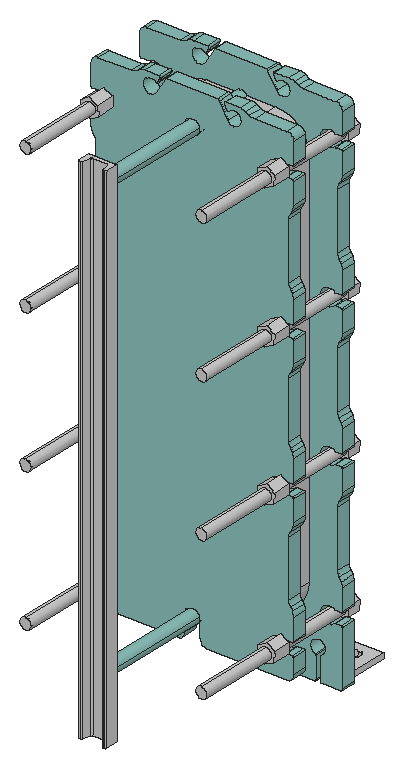
Revit family "Ekin_Endüstriyel - MIT508", category Specialty Equipment, Revit 2022
Family settings
  Round Connector Dimension = Use Diameter
  Part Type = Normal
  Work Plane-Based = No
  Always vertical = No
  Cut with Voids When Loaded = No
  Maintain Annotation Orientation = No
  Shared = No
  Room Calculation Point = No
Parameters (values of type "Threaded")
  URL = "https://en.ekinendustriyel.com/plate-heat-exchanger"
  Type Comments = ""
  Tightening Bolt [instance] = if(Design Pressure < 1006634.6 Pa, 16.00 mm, 30.00 mm)  # 16.00 mm
  Threaded Connection = yes
  Thickness_of_Plate [instance] = 0.50 mm  # constant formula
  Number_of_Plate [instance] = 20
  Model = if(Threaded Connection, if(Hygienic, if(Design Pressure < 1100000.0 Pa, "H12340000DD50L", if(Design Pressure < 1600000.0 Pa, " H12340000DD50M", " H12340000DD50H")), if(Design Pressure < 1000000.0 Pa, "E1234000DD50L", if(Design Pressure < 1600000.0 Pa, " E12340000DD50M", " E12340000DD50H"))), if(Hygienic, if(Design Pressure < 1100000.0 Pa, "H12340000F50L", if(Design Pressure < 1600000.0 Pa, " H12340000F50M", " H12340000F50H")), if(Design Pressure < 1000000.0 Pa, "E12340000F50L", if(Design Pressure < 1600000.0 Pa, " E12340000F50M", " E12340000F50H"))))  # "H12340000DD50L"
  Material = Galvanized Steel- S235JR
  Manufacturer = "Ekin Endüstriyel"
  M30 [instance] = Design Pressure > 999739.8 Pa  # no
  M16 = Design Pressure < 999739.8 Pa  # yes
  Lk [instance] = (Number_of_Plate) * ((Thickness_of_Plate) + 2.90 mm)  # 68.00 mm
  Lh [instance] = 765.00 mm  # constant formula
  Lf [instance] = 715.00 mm  # constant formula
  Lc [instance] = if(Number_of_Plate < 26, 250.00 mm, if(Number_of_Plate < 46, 350.00 mm, if(Number_of_Plate < 76, 500.00 mm, if(Number_of_Plate < 116, 750.00 mm, 1000.00 mm))))  # 250.00 mm
  La [instance] = 292.00 mm  # constant formula
  Keynote = ""
  Industrial [instance] = not(Hygienic)  # no
  Hygienic = yes
  Head & Follower Plate [instance] = if(Design Pressure < 1006634.6 Pa, 20.00 mm, if(Design Pressure < 1606478.4 Pa, 25.00 mm, 30.00 mm))  # 20.00 mm
  Follower Plate [instance] = -(Head & Follower Plate)  # -20.00 mm
  Flange Connection [instance] = not(Threaded Connection)  # no
  Design Pressure = 101.526 psi
  Description = if(Design Pressure < 1006634.6 Pa, "MIT - Heat Exchanger - 10 bar", if(Design Pressure < 1599583.7 Pa, " MIT - Heat Exchanger - 16 bar", " MIT - Heat Exchanger - 25 bar"))  # "MIT - Heat Exchanger - 10 bar"
  Default Elevation = 0.00 mm
Reference planes
  plane 1 "Center (Front/Back)": y = 0
  plane 2: z = 0
  plane 3 "Center (Left/Right)": x = 0
  plane 4: x = 1160
  plane 5: x = -1000
  plane 6 "2": y = -88
  plane 7 "1": y = -20
  plane 8 "3": y = -270
  plane 9 "Bolt End": y = 18.7
  plane 10: y = -250
Forms (mm)
  Extrusion 1, solid, material "Galvanized Steel", detail levels fine
    sketch origin (0, 0, 0) x (1, 0, 0) y (0, 0, 1)
      loop
        arc (48.453, 765) -> (46.721, 764) -> (46.721, 762) r 2
        line (46.721, 762) -> (49.979, 756.357)
        arc (49.979, 756.357) -> (51.39, 755.383) -> (53.037, 755.86) r 2
        arc (53.037, 755.86) -> (70.364, 746.316) -> (50.907, 742.75) r 10.5
        line (50.907, 742.75) -> (38.638, 764)
        arc (38.638, 764) -> (37.906, 764.732) -> (36.906, 765) r 2
        line (36.906, 765) -> (-36.906, 765)
        arc (-36.906, 765) -> (-37.906, 764.732) -> (-38.638, 764) r 2
        line (-38.638, 764) -> (-50.907, 742.75)
        arc (-50.907, 742.75) -> (-70.364, 746.316) -> (-53.037, 755.86) r 10.5
        arc (-53.037, 755.86) -> (-51.39, 755.383) -> (-49.979, 756.357) r 2
        line (-49.979, 756.357) -> (-46.721, 762)
        arc (-46.721, 762) -> (-46.721, 764) -> (-48.453, 765) r 2
        line (-48.453, 765) -> (-68.981, 765)
        arc (-68.981, 765) -> (-72.863, 764.489) -> (-76.481, 762.99) r 15
        line (-76.481, 762.99) -> (-81.644, 760.01)
        arc (-81.644, 760.01) -> (-85.261, 758.511) -> (-89.144, 758) r 15
        line (-89.144, 758) -> (-136, 758)
        arc (-136, 758) -> (-143.071, 755.071) -> (-146, 748) r 10
        line (-146, 748) -> (-146, 718.25)
        arc (-146, 718.25) -> (-145.414, 716.836) -> (-144, 716.25) r 2
        line (-144, 716.25) -> (-135.769, 716.25)
        arc (-135.769, 716.25) -> (-135.087, 716.37) -> (-134.487, 716.714) r 2
        arc (-134.487, 716.714) -> (-114.8, 707.5) -> (-134.487, 698.286) r 12
        arc (-134.487, 698.286) -> (-135.087, 698.63) -> (-135.769, 698.75) r 2
        line (-135.769, 698.75) -> (-144, 698.75)
        arc (-144, 698.75) -> (-145.414, 698.164) -> (-146, 696.75) r 2
        line (-146, 696.75) -> (-146, 666.144)
        arc (-146, 666.144) -> (-145.489, 662.261) -> (-143.99, 658.644) r 15
        line (-143.99, 658.644) -> (-141.01, 653.481)
        arc (-141.01, 653.481) -> (-139.511, 649.863) -> (-139, 645.981) r 15
        line (-139, 645.981) -> (-139, 564.019)
        arc (-139, 564.019) -> (-139.511, 560.137) -> (-141.01, 556.519) r 15
        line (-141.01, 556.519) -> (-143.99, 551.356)
        arc (-143.99, 551.356) -> (-145.489, 547.739) -> (-146, 543.856) r 15
        line (-146, 543.856) -> (-146, 513.25)
        arc (-146, 513.25) -> (-145.414, 511.836) -> (-144, 511.25) r 2
        line (-144, 511.25) -> (-135.769, 511.25)
        arc (-135.769, 511.25) -> (-135.087, 511.37) -> (-134.487, 511.714) r 2
        arc (-134.487, 511.714) -> (-114.8, 502.5) -> (-134.487, 493.286) r 12
        arc (-134.487, 493.286) -> (-135.087, 493.63) -> (-135.769, 493.75) r 2
        line (-135.769, 493.75) -> (-144, 493.75)
        arc (-144, 493.75) -> (-145.414, 493.164) -> (-146, 491.75) r 2
        line (-146, 491.75) -> (-146, 461.144)
        arc (-146, 461.144) -> (-145.489, 457.261) -> (-143.99, 453.644) r 15
        line (-143.99, 453.644) -> (-141.01, 448.481)
        arc (-141.01, 448.481) -> (-139.511, 444.863) -> (-139, 440.981) r 15
        line (-139, 440.981) -> (-139, 359.019)
        arc (-139, 359.019) -> (-139.511, 355.137) -> (-141.01, 351.519) r 15
        line (-141.01, 351.519) -> (-143.99, 346.356)
        arc (-143.99, 346.356) -> (-145.489, 342.739) -> (-146, 338.856) r 15
        line (-146, 338.856) -> (-146, 308.25)
        arc (-146, 308.25) -> (-145.414, 306.836) -> (-144, 306.25) r 2
        line (-144, 306.25) -> (-135.769, 306.25)
        arc (-135.769, 306.25) -> (-135.087, 306.37) -> (-134.487, 306.714) r 2
        arc (-134.487, 306.714) -> (-114.8, 297.5) -> (-134.487, 288.286) r 12
        arc (-134.487, 288.286) -> (-135.087, 288.63) -> (-135.769, 288.75) r 2
        line (-135.769, 288.75) -> (-144, 288.75)
        arc (-144, 288.75) -> (-145.414, 288.164) -> (-146, 286.75) r 2
        line (-146, 286.75) -> (-146, 256.144)
        arc (-146, 256.144) -> (-145.489, 252.261) -> (-143.99, 248.644) r 15
        line (-143.99, 248.644) -> (-141.01, 243.481)
        arc (-141.01, 243.481) -> (-139.511, 239.863) -> (-139, 235.981) r 15
        line (-139, 235.981) -> (-139, 154.019)
        arc (-139, 154.019) -> (-139.511, 150.137) -> (-141.01, 146.519) r 15
        line (-141.01, 146.519) -> (-143.99, 141.356)
        arc (-143.99, 141.356) -> (-145.489, 137.739) -> (-146, 133.856) r 15
        line (-146, 133.856) -> (-146, 103.25)
        arc (-146, 103.25) -> (-145.414, 101.836) -> (-144, 101.25) r 2
        line (-144, 101.25) -> (-135.769, 101.25)
        arc (-135.769, 101.25) -> (-135.087, 101.37) -> (-134.487, 101.714) r 2
        arc (-134.487, 101.714) -> (-114.8, 92.5) -> (-134.487, 83.286) r 12
        arc (-134.487, 83.286) -> (-135.087, 83.63) -> (-135.769, 83.75) r 2
        line (-135.769, 83.75) -> (-144, 83.75)
        arc (-144, 83.75) -> (-145.414, 83.164) -> (-146, 81.75) r 2
        line (-146, 81.75) -> (-146, 3)
        arc (-146, 3) -> (-145.121, 0.879) -> (-143, 0) r 3
        line (-143, 0) -> (-116, 0)
        arc (-116, 0) -> (-114.586, 0.586) -> (-114, 2) r 2
        line (-114, 2) -> (-114, 33.544)
        arc (-114, 33.544) -> (-114.327, 34.639) -> (-115.2, 35.377) r 2
        arc (-115.2, 35.377) -> (-111, 55.5) -> (-106.8, 35.377) r 10.5
        arc (-106.8, 35.377) -> (-107.673, 34.639) -> (-108, 33.544) r 2
        line (-108, 33.544) -> (-108, 2)
        arc (-108, 2) -> (-107.414, 0.586) -> (-106, 0) r 2
        line (-106, 0) -> (-79, 0)
        arc (-79, 0) -> (-76.879, 0.879) -> (-76, 3) r 3
        line (-76, 3) -> (-76, 18.787)
        arc (-76, 18.787) -> (-74.858, 24.527) -> (-71.607, 29.393) r 15
        line (-71.607, 29.393) -> (-55.393, 45.607)
        arc (-55.393, 45.607) -> (-50.527, 48.858) -> (-44.787, 50) r 15
        line (-44.787, 50) -> (44.787, 50)
        arc (44.787, 50) -> (50.527, 48.858) -> (55.393, 45.607) r 15
        line (55.393, 45.607) -> (71.607, 29.393)
        arc (71.607, 29.393) -> (74.858, 24.527) -> (76, 18.787) r 15
        line (76, 18.787) -> (76, 3)
        arc (76, 3) -> (76.879, 0.879) -> (79, 0) r 3
        line (79, 0) -> (106, 0)
        arc (106, 0) -> (107.414, 0.586) -> (108, 2) r 2
        line (108, 2) -> (108, 33.544)
        arc (108, 33.544) -> (107.673, 34.639) -> (106.8, 35.377) r 2
        arc (106.8, 35.377) -> (111, 55.5) -> (115.2, 35.377) r 10.5
        arc (115.2, 35.377) -> (114.327, 34.639) -> (114, 33.544) r 2
        line (114, 33.544) -> (114, 2)
        arc (114, 2) -> (114.586, 0.586) -> (116, 0) r 2
        line (116, 0) -> (143, 0)
        arc (143, 0) -> (145.121, 0.879) -> (146, 3) r 3
        line (146, 3) -> (146, 81.75)
        arc (146, 81.75) -> (145.414, 83.164) -> (144, 83.75) r 2
        line (144, 83.75) -> (135.769, 83.75)
        arc (135.769, 83.75) -> (135.087, 83.63) -> (134.487, 83.286) r 2
        arc (134.487, 83.286) -> (114.8, 92.5) -> (134.487, 101.714) r 12
        arc (134.487, 101.714) -> (135.087, 101.37) -> (135.769, 101.25) r 2
        line (135.769, 101.25) -> (144, 101.25)
        arc (144, 101.25) -> (145.414, 101.836) -> (146, 103.25) r 2
        line (146, 103.25) -> (146, 133.856)
        arc (146, 133.856) -> (145.489, 137.739) -> (143.99, 141.356) r 15
        line (143.99, 141.356) -> (141.01, 146.519)
        arc (141.01, 146.519) -> (139.511, 150.137) -> (139, 154.019) r 15
        line (139, 154.019) -> (139, 235.981)
        arc (139, 235.981) -> (139.511, 239.863) -> (141.01, 243.481) r 15
        line (141.01, 243.481) -> (143.99, 248.644)
        arc (143.99, 248.644) -> (145.489, 252.261) -> (146, 256.144) r 15
        line (146, 256.144) -> (146, 286.75)
        arc (146, 286.75) -> (145.414, 288.164) -> (144, 288.75) r 2
        line (144, 288.75) -> (135.769, 288.75)
        arc (135.769, 288.75) -> (135.087, 288.63) -> (134.487, 288.286) r 2
        arc (134.487, 288.286) -> (114.8, 297.5) -> (134.487, 306.714) r 12
        arc (134.487, 306.714) -> (135.087, 306.37) -> (135.769, 306.25) r 2
        line (135.769, 306.25) -> (144, 306.25)
        arc (144, 306.25) -> (145.414, 306.836) -> (146, 308.25) r 2
        line (146, 308.25) -> (146, 338.856)
        arc (146, 338.856) -> (145.489, 342.739) -> (143.99, 346.356) r 15
        line (143.99, 346.356) -> (141.01, 351.519)
        arc (141.01, 351.519) -> (139.511, 355.137) -> (139, 359.019) r 15
        line (139, 359.019) -> (139, 440.981)
        arc (139, 440.981) -> (139.511, 444.863) -> (141.01, 448.481) r 15
        line (141.01, 448.481) -> (143.99, 453.644)
        arc (143.99, 453.644) -> (145.489, 457.261) -> (146, 461.144) r 15
        line (146, 461.144) -> (146, 491.75)
        arc (146, 491.75) -> (145.414, 493.164) -> (144, 493.75) r 2
        line (144, 493.75) -> (135.769, 493.75)
        arc (135.769, 493.75) -> (135.087, 493.63) -> (134.487, 493.286) r 2
        arc (134.487, 493.286) -> (114.8, 502.5) -> (134.487, 511.714) r 12
        arc (134.487, 511.714) -> (135.087, 511.37) -> (135.769, 511.25) r 2
        line (135.769, 511.25) -> (144, 511.25)
        arc (144, 511.25) -> (145.414, 511.836) -> (146, 513.25) r 2
        line (146, 513.25) -> (146, 543.856)
        arc (146, 543.856) -> (145.489, 547.739) -> (143.99, 551.356) r 15
        line (143.99, 551.356) -> (141.01, 556.519)
        arc (141.01, 556.519) -> (139.511, 560.137) -> (139, 564.019) r 15
        line (139, 564.019) -> (139, 645.981)
        arc (139, 645.981) -> (139.511, 649.863) -> (141.01, 653.481) r 15
        line (141.01, 653.481) -> (143.99, 658.644)
        arc (143.99, 658.644) -> (145.489, 662.261) -> (146, 666.144) r 15
        line (146, 666.144) -> (146, 696.75)
        arc (146, 696.75) -> (145.414, 698.164) -> (144, 698.75) r 2
        line (144, 698.75) -> (135.769, 698.75)
        arc (135.769, 698.75) -> (135.087, 698.63) -> (134.487, 698.286) r 2
        arc (134.487, 698.286) -> (114.8, 707.5) -> (134.487, 716.714) r 12
        arc (134.487, 716.714) -> (135.087, 716.37) -> (135.769, 716.25) r 2
        line (135.769, 716.25) -> (144, 716.25)
        arc (144, 716.25) -> (145.414, 716.836) -> (146, 718.25) r 2
        line (146, 718.25) -> (146, 748)
        arc (146, 748) -> (143.071, 755.071) -> (136, 758) r 10
        line (136, 758) -> (89.144, 758)
        arc (89.144, 758) -> (85.261, 758.511) -> (81.644, 760.01) r 15
        line (81.644, 760.01) -> (76.481, 762.99)
        arc (76.481, 762.99) -> (72.863, 764.489) -> (68.981, 765) r 15
        line (68.981, 765) -> (48.453, 765)
      loop
        circle (50, 673) r 32
      loop
        circle (0, 716) r 6.25
      loop
        circle (50, 127) r 32
      loop
        circle (0, 84) r 9.5
      loop
        circle (-50, 673) r 32
      loop
        circle (-50, 127) r 32
    from 0 to 20 <- "Head & Follower Plate"
  Extrusion 2, solid, material "AISI 316L/Titanium/Hastelloy", detail levels fine
    sketch origin (0, -20, 0) x (-1, 0, 0) y (0, 0, 1)
      loop
        arc (-50, 721) -> (-83.234, 707.234) -> (-97, 674) r 47
        line (-97, 674) -> (-97, 123)
        arc (-97, 123) -> (-83.234, 89.766) -> (-50, 76) r 47
        line (-50, 76) -> (-9.5, 76) -> (-9.5, 83)
        arc (-9.5, 83) -> (0, 92.5) -> (9.5, 83) r 9.5
        line (9.5, 83) -> (9.5, 76) -> (50, 76)
        arc (50, 76) -> (83.234, 89.766) -> (97, 123) r 47
        line (97, 123) -> (97, 674)
        arc (97, 674) -> (83.234, 707.234) -> (50, 721) r 47
        line (50, 721) -> (9.5, 721) -> (9.5, 713)
        arc (9.5, 713) -> (0, 703.5) -> (-9.5, 713) r 9.5
        line (-9.5, 713) -> (-9.5, 721) -> (-50, 721)
      loop
        circle (-50, 127) r 32
      loop
        circle (50, 127) r 32
      loop
        circle (50, 673) r 32
      loop
        circle (-50, 673) r 32
    from 0 to -68
  Extrusion 3, solid, material "Galvanized Steel", detail levels fine
    sketch origin (0, -88, 0) x (-1, 0, 0) y (0, 0, 1)
      loop
        line (-48.453, 765) -> (-68.981, 765)
        arc (-68.981, 765) -> (-72.863, 764.489) -> (-76.481, 762.99) r 15
        line (-76.481, 762.99) -> (-81.644, 760.01)
        arc (-81.644, 760.01) -> (-85.261, 758.511) -> (-89.144, 758) r 15
        line (-89.144, 758) -> (-136, 758)
        arc (-136, 758) -> (-143.071, 755.071) -> (-146, 748) r 10
        line (-146, 748) -> (-146, 718.25)
        arc (-146, 718.25) -> (-145.414, 716.836) -> (-144, 716.25) r 2
        line (-144, 716.25) -> (-135.769, 716.25)
        arc (-135.769, 716.25) -> (-135.087, 716.37) -> (-134.487, 716.714) r 2
        arc (-134.487, 716.714) -> (-114.8, 707.5) -> (-134.487, 698.286) r 12
        arc (-134.487, 698.286) -> (-135.087, 698.63) -> (-135.769, 698.75) r 2
        line (-135.769, 698.75) -> (-144, 698.75)
        arc (-144, 698.75) -> (-145.414, 698.164) -> (-146, 696.75) r 2
        line (-146, 696.75) -> (-146, 666.144)
        arc (-146, 666.144) -> (-145.489, 662.261) -> (-143.99, 658.644) r 15
        line (-143.99, 658.644) -> (-141.01, 653.481)
        arc (-141.01, 653.481) -> (-139.511, 649.863) -> (-139, 645.981) r 15
        line (-139, 645.981) -> (-139, 564.019)
        arc (-139, 564.019) -> (-139.511, 560.137) -> (-141.01, 556.519) r 15
        line (-141.01, 556.519) -> (-143.99, 551.356)
        arc (-143.99, 551.356) -> (-145.489, 547.739) -> (-146, 543.856) r 15
        line (-146, 543.856) -> (-146, 513.25)
        arc (-146, 513.25) -> (-145.414, 511.836) -> (-144, 511.25) r 2
        line (-144, 511.25) -> (-135.769, 511.25)
        arc (-135.769, 511.25) -> (-135.087, 511.37) -> (-134.487, 511.714) r 2
        arc (-134.487, 511.714) -> (-114.8, 502.5) -> (-134.487, 493.286) r 12
        arc (-134.487, 493.286) -> (-135.087, 493.63) -> (-135.769, 493.75) r 2
        line (-135.769, 493.75) -> (-144, 493.75)
        arc (-144, 493.75) -> (-145.414, 493.164) -> (-146, 491.75) r 2
        line (-146, 491.75) -> (-146, 461.144)
        arc (-146, 461.144) -> (-145.489, 457.261) -> (-143.99, 453.644) r 15
        line (-143.99, 453.644) -> (-141.01, 448.481)
        arc (-141.01, 448.481) -> (-139.511, 444.863) -> (-139, 440.981) r 15
        line (-139, 440.981) -> (-139, 359.019)
        arc (-139, 359.019) -> (-139.511, 355.137) -> (-141.01, 351.519) r 15
        line (-141.01, 351.519) -> (-143.99, 346.356)
        arc (-143.99, 346.356) -> (-145.489, 342.739) -> (-146, 338.856) r 15
        line (-146, 338.856) -> (-146, 308.25)
        arc (-146, 308.25) -> (-145.414, 306.836) -> (-144, 306.25) r 2
        line (-144, 306.25) -> (-135.769, 306.25)
        arc (-135.769, 306.25) -> (-135.087, 306.37) -> (-134.487, 306.714) r 2
        arc (-134.487, 306.714) -> (-114.8, 297.5) -> (-134.487, 288.286) r 12
        arc (-134.487, 288.286) -> (-135.087, 288.63) -> (-135.769, 288.75) r 2
        line (-135.769, 288.75) -> (-144, 288.75)
        arc (-144, 288.75) -> (-145.414, 288.164) -> (-146, 286.75) r 2
        line (-146, 286.75) -> (-146, 256.144)
        arc (-146, 256.144) -> (-145.489, 252.261) -> (-143.99, 248.644) r 15
        line (-143.99, 248.644) -> (-141.01, 243.481)
        arc (-141.01, 243.481) -> (-139.511, 239.863) -> (-139, 235.981) r 15
        line (-139, 235.981) -> (-139, 154.019)
        arc (-139, 154.019) -> (-139.511, 150.137) -> (-141.01, 146.519) r 15
        line (-141.01, 146.519) -> (-143.99, 141.356)
        arc (-143.99, 141.356) -> (-145.489, 137.739) -> (-146, 133.856) r 15
        line (-146, 133.856) -> (-146, 103.25)
        arc (-146, 103.25) -> (-145.414, 101.836) -> (-144, 101.25) r 2
        line (-144, 101.25) -> (-135.769, 101.25)
        arc (-135.769, 101.25) -> (-135.087, 101.37) -> (-134.487, 101.714) r 2
        arc (-134.487, 101.714) -> (-114.8, 92.5) -> (-134.487, 83.286) r 12
        arc (-134.487, 83.286) -> (-135.087, 83.63) -> (-135.769, 83.75) r 2
        line (-135.769, 83.75) -> (-144, 83.75)
        arc (-144, 83.75) -> (-145.414, 83.164) -> (-146, 81.75) r 2
        line (-146, 81.75) -> (-146, 60)
        arc (-146, 60) -> (-143.071, 52.929) -> (-136, 50) r 10
        line (-136, 50) -> (-21, 50)
        arc (-21, 50) -> (-13.929, 52.929) -> (-11, 60) r 10
        line (-11, 60) -> (-11, 84)
        arc (-11, 84) -> (0, 95) -> (11, 84) r 11
        line (11, 84) -> (11, 60)
        arc (11, 60) -> (13.929, 52.929) -> (21, 50) r 10
        line (21, 50) -> (136, 50)
        arc (136, 50) -> (143.071, 52.929) -> (146, 60) r 10
        line (146, 60) -> (146, 81.75)
        arc (146, 81.75) -> (145.414, 83.164) -> (144, 83.75) r 2
        line (144, 83.75) -> (135.769, 83.75)
        arc (135.769, 83.75) -> (135.087, 83.63) -> (134.487, 83.286) r 2
        arc (134.487, 83.286) -> (114.8, 92.5) -> (134.487, 101.714) r 12
        arc (134.487, 101.714) -> (135.087, 101.37) -> (135.769, 101.25) r 2
        line (135.769, 101.25) -> (144, 101.25)
        arc (144, 101.25) -> (145.414, 101.836) -> (146, 103.25) r 2
        line (146, 103.25) -> (146, 133.856)
        arc (146, 133.856) -> (145.489, 137.739) -> (143.99, 141.356) r 15
        line (143.99, 141.356) -> (141.01, 146.519)
        arc (141.01, 146.519) -> (139.511, 150.137) -> (139, 154.019) r 15
        line (139, 154.019) -> (139, 235.981)
        arc (139, 235.981) -> (139.511, 239.863) -> (141.01, 243.481) r 15
        line (141.01, 243.481) -> (143.99, 248.644)
        arc (143.99, 248.644) -> (145.489, 252.261) -> (146, 256.144) r 15
        line (146, 256.144) -> (146, 286.75)
        arc (146, 286.75) -> (145.414, 288.164) -> (144, 288.75) r 2
        line (144, 288.75) -> (135.769, 288.75)
        arc (135.769, 288.75) -> (135.087, 288.63) -> (134.487, 288.286) r 2
        arc (134.487, 288.286) -> (114.8, 297.5) -> (134.487, 306.714) r 12
        arc (134.487, 306.714) -> (135.087, 306.37) -> (135.769, 306.25) r 2
        line (135.769, 306.25) -> (144, 306.25)
        arc (144, 306.25) -> (145.414, 306.836) -> (146, 308.25) r 2
        line (146, 308.25) -> (146, 338.856)
        arc (146, 338.856) -> (145.489, 342.739) -> (143.99, 346.356) r 15
        line (143.99, 346.356) -> (141.01, 351.519)
        arc (141.01, 351.519) -> (139.511, 355.137) -> (139, 359.019) r 15
        line (139, 359.019) -> (139, 440.981)
        arc (139, 440.981) -> (139.511, 444.863) -> (141.01, 448.481) r 15
        line (141.01, 448.481) -> (143.99, 453.644)
        arc (143.99, 453.644) -> (145.489, 457.261) -> (146, 461.144) r 15
        line (146, 461.144) -> (146, 491.75)
        arc (146, 491.75) -> (145.414, 493.164) -> (144, 493.75) r 2
        line (144, 493.75) -> (135.769, 493.75)
        arc (135.769, 493.75) -> (135.087, 493.63) -> (134.487, 493.286) r 2
        arc (134.487, 493.286) -> (114.8, 502.5) -> (134.487, 511.714) r 12
        arc (134.487, 511.714) -> (135.087, 511.37) -> (135.769, 511.25) r 2
        line (135.769, 511.25) -> (144, 511.25)
        arc (144, 511.25) -> (145.414, 511.836) -> (146, 513.25) r 2
        line (146, 513.25) -> (146, 543.856)
        arc (146, 543.856) -> (145.489, 547.739) -> (143.99, 551.356) r 15
        line (143.99, 551.356) -> (141.01, 556.519)
        arc (141.01, 556.519) -> (139.511, 560.137) -> (139, 564.019) r 15
        line (139, 564.019) -> (139, 645.981)
        arc (139, 645.981) -> (139.511, 649.863) -> (141.01, 653.481) r 15
        line (141.01, 653.481) -> (143.99, 658.644)
        arc (143.99, 658.644) -> (145.489, 662.261) -> (146, 666.144) r 15
        line (146, 666.144) -> (146, 696.75)
        arc (146, 696.75) -> (145.414, 698.164) -> (144, 698.75) r 2
        line (144, 698.75) -> (135.769, 698.75)
        arc (135.769, 698.75) -> (135.087, 698.63) -> (134.487, 698.286) r 2
        arc (134.487, 698.286) -> (114.8, 707.5) -> (134.487, 716.714) r 12
        arc (134.487, 716.714) -> (135.087, 716.37) -> (135.769, 716.25) r 2
        line (135.769, 716.25) -> (144, 716.25)
        arc (144, 716.25) -> (145.414, 716.836) -> (146, 718.25) r 2
        line (146, 718.25) -> (146, 748)
        arc (146, 748) -> (143.071, 755.071) -> (136, 758) r 10
        line (136, 758) -> (89.144, 758)
        arc (89.144, 758) -> (85.261, 758.511) -> (81.644, 760.01) r 15
        line (81.644, 760.01) -> (76.481, 762.99)
        arc (76.481, 762.99) -> (72.863, 764.489) -> (68.981, 765) r 15
        line (68.981, 765) -> (48.453, 765)
        arc (48.453, 765) -> (46.721, 764) -> (46.721, 762) r 2
        line (46.721, 762) -> (49.979, 756.357)
        arc (49.979, 756.357) -> (51.39, 755.383) -> (53.037, 755.86) r 2
        arc (53.037, 755.86) -> (70.364, 746.316) -> (50.907, 742.75) r 10.5
        line (50.907, 742.75) -> (38.638, 764)
        arc (38.638, 764) -> (37.906, 764.732) -> (36.906, 765) r 2
        line (36.906, 765) -> (-36.906, 765)
        arc (-36.906, 765) -> (-37.906, 764.732) -> (-38.638, 764) r 2
        line (-38.638, 764) -> (-50.907, 742.75)
        arc (-50.907, 742.75) -> (-70.364, 746.316) -> (-53.037, 755.86) r 10.5
        arc (-53.037, 755.86) -> (-51.39, 755.383) -> (-49.979, 756.357) r 2
        line (-49.979, 756.357) -> (-46.721, 762)
        arc (-46.721, 762) -> (-46.721, 764) -> (-48.453, 765) r 2
      loop
        circle (0, 716) r 11
    from -20 <- "Follower Plate" to 0
  Extrusion 4, solid, material "Galvanized Steel"
    sketch origin (0, -20, 0) x (-1, 0, 0) y (0, 0, 1)
      loop
        circle (0, 716) r 9.5
      loop
        circle (0, 84) r 9.5
    from -250 to 0
  Extrusion 5, solid, material "Galvanized Steel- S235JR"
    sketch origin (0, 0, 0) x (1, 0, 0) y (0, 0, 1)
      loop
        circle (126.8, 707.5) r 8
      loop
        circle (126.8, 502.5) r 8
      loop
        circle (126.8, 297.5) r 8
      loop
        circle (126.8, 92.5) r 8
      loop
        circle (-126.8, 92.5) r 8
      loop
        circle (-126.8, 297.5) r 8
      loop
        circle (-126.8, 502.5) r 8
      loop
        circle (-126.8, 707.5) r 8
    from 250 to 0
  Extrusion 6, solid, material "Painted Stell", detail levels medium+fine
    sketch origin (0, 0, 318) x (-1, 0, 0) y (0, -1, 0)
      loop
        line (-20, 270) -> (20, 270) -> (20, 287.489)
        arc (20, 287.489) -> (19.561, 288.55) -> (18.5, 288.989) r 1.5
        line (18.5, 288.989) -> (16.254, 288.989)
        arc (16.254, 288.989) -> (15.291, 288.639) -> (14.777, 287.753) r 1.5
        line (14.777, 287.753) -> (12.868, 277.061)
        arc (12.868, 277.061) -> (12.012, 275.583) -> (10.407, 275) r 2.5
        line (10.407, 275) -> (-10.407, 275)
        arc (-10.407, 275) -> (-12.012, 275.583) -> (-12.868, 277.061) r 2.5
        line (-12.868, 277.061) -> (-14.777, 287.753)
        arc (-14.777, 287.753) -> (-15.291, 288.639) -> (-16.254, 288.989) r 1.5
        line (-16.254, 288.989) -> (-18.5, 288.989)
        arc (-18.5, 288.989) -> (-19.561, 288.55) -> (-20, 287.489) r 1.5
        line (-20, 287.489) -> (-20, 270)
    from -318 to 427
  Extrusion 7, solid, material "Galvanized Steel- S235JR", visible <- "M16", detail levels medium+fine
    sketch origin (0, 0, 0) x (1, 0, 0) y (0, 0, 1)
      loop
        line (127.67, 721.329) -> (115.259, 715.168) -> (114.389, 701.339) -> (125.93, 693.671) -> (138.341, 699.832) -> (139.211, 713.661) -> (127.67, 721.329)
      loop
        line (115.259, 510.168) -> (114.389, 496.339) -> (125.93, 488.671) -> (138.341, 494.832) -> (139.211, 508.661) -> (127.67, 516.329) -> (115.259, 510.168)
      loop
        line (139.211, 303.661) -> (127.67, 311.329) -> (115.259, 305.168) -> (114.389, 291.339) -> (125.93, 283.671) -> (138.341, 289.832) -> (139.211, 303.661)
      loop
        line (114.389, 86.339) -> (125.93, 78.671) -> (138.341, 84.832) -> (139.211, 98.661) -> (127.67, 106.329) -> (115.259, 100.168) -> (114.389, 86.339)
      loop
        line (-127.67, 721.329) -> (-139.211, 713.661) -> (-138.341, 699.832) -> (-125.93, 693.671) -> (-114.389, 701.339) -> (-115.259, 715.168) -> (-127.67, 721.329)
      loop
        line (-115.259, 510.168) -> (-127.67, 516.329) -> (-139.211, 508.661) -> (-138.341, 494.832) -> (-125.93, 488.671) -> (-114.389, 496.339) -> (-115.259, 510.168)
      loop
        line (-139.211, 303.661) -> (-138.341, 289.832) -> (-125.93, 283.671) -> (-114.389, 291.339) -> (-115.259, 305.168) -> (-127.67, 311.329) -> (-139.211, 303.661)
      loop
        line (-114.389, 86.339) -> (-115.259, 100.168) -> (-127.67, 106.329) -> (-139.211, 98.661) -> (-138.341, 84.832) -> (-125.93, 78.671) -> (-114.389, 86.339)
    from 0 to -18.7
  Extrusion 8, solid, material "Galvanized Steel- S235JR"
    sketch origin (0, -108, 0) x (1, 0, 0) y (0, 0, 1)
      loop
        line (127.67, 721.329) -> (115.259, 715.168) -> (114.389, 701.339) -> (125.93, 693.671) -> (138.341, 699.832) -> (139.211, 713.661) -> (127.67, 721.329)
      loop
        line (115.259, 510.168) -> (114.389, 496.339) -> (125.93, 488.671) -> (138.341, 494.832) -> (139.211, 508.661) -> (127.67, 516.329) -> (115.259, 510.168)
      loop
        line (139.211, 303.661) -> (127.67, 311.329) -> (115.259, 305.168) -> (114.389, 291.339) -> (125.93, 283.671) -> (138.341, 289.832) -> (139.211, 303.661)
      loop
        line (114.389, 86.339) -> (125.93, 78.671) -> (138.341, 84.832) -> (139.211, 98.661) -> (127.67, 106.329) -> (115.259, 100.168) -> (114.389, 86.339)
      loop
        line (-127.67, 721.329) -> (-139.211, 713.661) -> (-138.341, 699.832) -> (-125.93, 693.671) -> (-114.389, 701.339) -> (-115.259, 715.168) -> (-127.67, 721.329)
      loop
        line (-115.259, 510.168) -> (-127.67, 516.329) -> (-139.211, 508.661) -> (-138.341, 494.832) -> (-125.93, 488.671) -> (-114.389, 496.339) -> (-115.259, 510.168)
      loop
        line (-139.211, 303.661) -> (-138.341, 289.832) -> (-125.93, 283.671) -> (-114.389, 291.339) -> (-115.259, 305.168) -> (-127.67, 311.329) -> (-139.211, 303.661)
      loop
        line (-114.389, 86.339) -> (-115.259, 100.168) -> (-127.67, 106.329) -> (-139.211, 98.661) -> (-138.341, 84.832) -> (-125.93, 78.671) -> (-114.389, 86.339)
    from 0 to 26.7
  Extrusion 9, solid, material "Galvanized Steel- S235JR", visible <- "M30", detail levels medium+fine
    sketch origin (0, -108, 0) x (1, 0, 0) y (0, 0, 1)
      loop
        line (128.541, 735.158) -> (103.718, 722.837) -> (101.977, 695.178) -> (125.059, 679.842) -> (149.882, 692.163) -> (151.623, 719.822) -> (128.541, 735.158)
      loop
        line (-128.541, 735.158) -> (-151.623, 719.822) -> (-149.882, 692.163) -> (-125.059, 679.842) -> (-101.977, 695.178) -> (-103.718, 722.837) -> (-128.541, 735.158)
      loop
        line (-103.718, 517.837) -> (-128.541, 530.158) -> (-151.623, 514.822) -> (-149.882, 487.163) -> (-125.059, 474.842) -> (-101.977, 490.178) -> (-103.718, 517.837)
      loop
        line (-151.623, 309.822) -> (-149.882, 282.163) -> (-125.059, 269.842) -> (-101.977, 285.178) -> (-103.718, 312.837) -> (-128.541, 325.158) -> (-151.623, 309.822)
      loop
        line (-101.977, 80.178) -> (-103.718, 107.837) -> (-128.541, 120.158) -> (-151.623, 104.822) -> (-149.882, 77.163) -> (-125.059, 64.842) -> (-101.977, 80.178)
      loop
        line (103.718, 517.837) -> (101.977, 490.178) -> (125.059, 474.842) -> (149.882, 487.163) -> (151.623, 514.822) -> (128.541, 530.158) -> (103.718, 517.837)
      loop
        line (151.623, 309.822) -> (128.541, 325.158) -> (103.718, 312.837) -> (101.977, 285.178) -> (125.059, 269.842) -> (149.882, 282.163) -> (151.623, 309.822)
      loop
        line (101.977, 80.178) -> (125.059, 64.842) -> (149.882, 77.163) -> (151.623, 104.822) -> (128.541, 120.158) -> (103.718, 107.837) -> (101.977, 80.178)
    from 0 to 26.7
  Extrusion 10, solid, material "Galvanized Steel- S235JR", visible <- "M30", detail levels medium+fine
    sketch origin (0, 0, 0) x (1, 0, 0) y (0, 0, 1)
      loop
        line (128.541, 735.158) -> (103.718, 722.837) -> (101.977, 695.178) -> (125.059, 679.842) -> (149.882, 692.163) -> (151.623, 719.822) -> (128.541, 735.158)
      loop
        line (-128.541, 735.158) -> (-151.623, 719.822) -> (-149.882, 692.163) -> (-125.059, 679.842) -> (-101.977, 695.178) -> (-103.718, 722.837) -> (-128.541, 735.158)
      loop
        line (-103.718, 517.837) -> (-128.541, 530.158) -> (-151.623, 514.822) -> (-149.882, 487.163) -> (-125.059, 474.842) -> (-101.977, 490.178) -> (-103.718, 517.837)
      loop
        line (-151.623, 309.822) -> (-149.882, 282.163) -> (-125.059, 269.842) -> (-101.977, 285.178) -> (-103.718, 312.837) -> (-128.541, 325.158) -> (-151.623, 309.822)
      loop
        line (-101.977, 80.178) -> (-103.718, 107.837) -> (-128.541, 120.158) -> (-151.623, 104.822) -> (-149.882, 77.163) -> (-125.059, 64.842) -> (-101.977, 80.178)
      loop
        line (103.718, 517.837) -> (101.977, 490.178) -> (125.059, 474.842) -> (149.882, 487.163) -> (151.623, 514.822) -> (128.541, 530.158) -> (103.718, 517.837)
      loop
        line (151.623, 309.822) -> (128.541, 325.158) -> (103.718, 312.837) -> (101.977, 285.178) -> (125.059, 269.842) -> (149.882, 282.163) -> (151.623, 309.822)
      loop
        line (101.977, 80.178) -> (125.059, 64.842) -> (149.882, 77.163) -> (151.623, 104.822) -> (128.541, 120.158) -> (103.718, 107.837) -> (101.977, 80.178)
    from 0 to -20.261
  Extrusion 11, solid, material "Painted Stell", visible <- "Flange Connection", detail levels medium+fine
    sketch origin (0, 0, 0) x (1, 0, 0) y (0, 0, 1)
      loop
        line (89.5, 722) -> (10.5, 722) -> (1, 712.5) -> (1, 633.5) -> (10.5, 624) -> (89.5, 624) -> (99, 633.5) -> (99, 712.5) -> (89.5, 722)
      loop
        circle (50, 673) r 31.5
      loop
        line (-89.5, 722) -> (-99, 712.5) -> (-99, 633.5) -> (-89.5, 624) -> (-10.5, 624) -> (-1, 633.5) -> (-1, 712.5) -> (-10.5, 722) -> (-89.5, 722)
      loop
        circle (-50, 673) r 31.5
      loop
        line (89.5, 176) -> (10.5, 176) -> (1, 166.5) -> (1, 87.5) -> (10.5, 78) -> (89.5, 78) -> (99, 87.5) -> (99, 166.5) -> (89.5, 176)
      loop
        circle (50, 127) r 31.5
      loop
        line (-89.5, 176) -> (-99, 166.5) -> (-99, 87.5) -> (-89.5, 78) -> (-10.5, 78) -> (-1, 87.5) -> (-1, 166.5) -> (-10.5, 176) -> (-89.5, 176)
      loop
        circle (-50, 127) r 31.5
    from 0 to -15
  Extrusion 12, void
    sketch origin (-115, 70, 7.5) x (0, -1, 0) y (1, 0, 0)
      loop
        line (24.17, 13) -> (23.083, 13)
        arc (23.083, 13) -> (18.133, 10.95) -> (16.083, 6) r 7
        line (16.083, 6) -> (16.083, 2)
        arc (16.083, 2) -> (18.133, -2.95) -> (23.083, -5) r 7
        line (23.083, -5) -> (24.17, -5)
        spline (24.17, -5) -> (25.621, -4.86) -> (26.959, -4.639) -> (28.182, -4.337) -> (29.292, -3.955) -> (30.288, -3.493) -> (31.17, -2.95) -> (31.938, -2.326) -> (32.592, -1.622) -> (33.132, -0.837) -> (33.558, 0.028) -> (33.871, 0.974) -> (34.069, 2)
        line (34.069, 2) -> (34.069, 6)
        spline (34.069, 6) -> (33.871, 7.026) -> (33.558, 7.972) -> (33.132, 8.837) -> (32.592, 9.622) -> (31.938, 10.326) -> (31.17, 10.95) -> (30.288, 11.493) -> (29.292, 11.955) -> (28.182, 12.337) -> (26.959, 12.639) -> (25.621, 12.86) -> (24.17, 13)
      loop
        line (24.17, 235) -> (23.083, 235)
        arc (23.083, 235) -> (18.133, 232.95) -> (16.083, 228) r 7
        line (16.083, 228) -> (16.083, 224)
        arc (16.083, 224) -> (18.133, 219.05) -> (23.083, 217) r 7
        line (23.083, 217) -> (24.17, 217)
        spline (24.17, 217) -> (25.621, 217.14) -> (26.959, 217.361) -> (28.182, 217.663) -> (29.292, 218.045) -> (30.288, 218.507) -> (31.17, 219.05) -> (31.938, 219.674) -> (32.592, 220.378) -> (33.132, 221.163) -> (33.558, 222.028) -> (33.871, 222.974) -> (34.069, 224)
        line (34.069, 224) -> (34.069, 228)
        spline (34.069, 228) -> (33.871, 229.026) -> (33.558, 229.972) -> (33.132, 230.837) -> (32.592, 231.622) -> (31.938, 232.326) -> (31.17, 232.95) -> (30.288, 233.493) -> (29.292, 233.955) -> (28.182, 234.337) -> (26.959, 234.639) -> (25.621, 234.86) -> (24.17, 235)
    from 0 to -7.5
  Extrusion 13, solid, material "Galvanized Steel- S235JR"
    sketch origin (0, 0, 0) x (0, 1, 0) y (0, 0, 1)
      loop
        line (7.5, 7.5) -> (7.5, 67) -> (0, 67) -> (0, 0) -> (67, 0) -> (67, 7.5) -> (7.5, 7.5)
    from 87 to 135
  Extrusion 14, solid, material "Galvanized Steel- S235JR"
    sketch origin (0, 0, 0) x (0, 1, 0) y (0, 0, -1)
      loop
        line (7.5, -7.5) -> (67, -7.5) -> (67, 0) -> (0, 0) -> (0, -67) -> (7.5, -67) -> (7.5, -7.5)
    from 87 to 135
  Extrusion 15, solid, material "Painted Stell", visible <- "Flange Connection", detail levels fine
    sketch origin (0, 15, 0) x (-1, 0, 0) y (0, 0, 1)
      loop
        line (-90.139, 719.316) -> (-97.919, 707.158) -> (-91.279, 694.342) -> (-76.861, 693.684) -> (-69.081, 705.842) -> (-75.721, 718.658) -> (-90.139, 719.316)
      loop
        line (-8.721, 718.658) -> (-23.139, 719.316) -> (-30.919, 707.158) -> (-24.279, 694.342) -> (-9.861, 693.684) -> (-2.081, 705.842) -> (-8.721, 718.658)
      loop
        line (-2.081, 638.842) -> (-8.721, 651.658) -> (-23.139, 652.316) -> (-30.919, 640.158) -> (-24.279, 627.342) -> (-9.861, 626.684) -> (-2.081, 638.842)
      loop
        line (-75.721, 651.658) -> (-90.139, 652.316) -> (-97.919, 640.158) -> (-91.279, 627.342) -> (-76.861, 626.684) -> (-69.081, 638.842) -> (-75.721, 651.658)
      loop
        line (90.139, 719.316) -> (75.721, 718.658) -> (69.081, 705.842) -> (76.861, 693.684) -> (91.279, 694.342) -> (97.919, 707.158) -> (90.139, 719.316)
      loop
        line (8.721, 718.658) -> (2.081, 705.842) -> (9.861, 693.684) -> (24.279, 694.342) -> (30.919, 707.158) -> (23.139, 719.316) -> (8.721, 718.658)
      loop
        line (2.081, 638.842) -> (9.861, 626.684) -> (24.279, 627.342) -> (30.919, 640.158) -> (23.139, 652.316) -> (8.721, 651.658) -> (2.081, 638.842)
      loop
        line (75.721, 651.658) -> (69.081, 638.842) -> (76.861, 626.684) -> (91.279, 627.342) -> (97.919, 640.158) -> (90.139, 652.316) -> (75.721, 651.658)
      loop
        line (-90.139, 173.316) -> (-97.919, 161.158) -> (-91.279, 148.342) -> (-76.861, 147.684) -> (-69.081, 159.842) -> (-75.721, 172.658) -> (-90.139, 173.316)
      loop
        line (-8.721, 172.658) -> (-23.139, 173.316) -> (-30.919, 161.158) -> (-24.279, 148.342) -> (-9.861, 147.684) -> (-2.081, 159.842) -> (-8.721, 172.658)
      loop
        line (-2.081, 92.842) -> (-8.721, 105.658) -> (-23.139, 106.316) -> (-30.919, 94.158) -> (-24.279, 81.342) -> (-9.861, 80.684) -> (-2.081, 92.842)
      loop
        line (-75.721, 105.658) -> (-90.139, 106.316) -> (-97.919, 94.158) -> (-91.279, 81.342) -> (-76.861, 80.684) -> (-69.081, 92.842) -> (-75.721, 105.658)
      loop
        line (90.139, 173.316) -> (75.721, 172.658) -> (69.081, 159.842) -> (76.861, 147.684) -> (91.279, 148.342) -> (97.919, 161.158) -> (90.139, 173.316)
      loop
        line (8.721, 172.658) -> (2.081, 159.842) -> (9.861, 147.684) -> (24.279, 148.342) -> (30.919, 161.158) -> (23.139, 173.316) -> (8.721, 172.658)
      loop
        line (2.081, 92.842) -> (9.861, 80.684) -> (24.279, 81.342) -> (30.919, 94.158) -> (23.139, 106.316) -> (8.721, 105.658) -> (2.081, 92.842)
      loop
        line (75.721, 105.658) -> (69.081, 92.842) -> (76.861, 80.684) -> (91.279, 81.342) -> (97.919, 94.158) -> (90.139, 106.316) -> (75.721, 105.658)
    from 0 to 13
  Extrusion 16, solid, material "Painted Stell", visible <- "Flange Connection", detail levels fine
    sketch origin (0, 15, 0) x (-1, 0, 0) y (0, 0, 1)
      loop
        circle (-83.5, 706.5) r 15
      loop
        circle (-83.5, 639.5) r 15
      loop
        circle (16.5, 706.5) r 15
      loop
        circle (83.5, 706.5) r 15
      loop
        circle (83.5, 639.5) r 15
      loop
        circle (16.5, 639.5) r 15
      loop
        circle (-16.5, 639.5) r 15
      loop
        circle (-16.5, 706.5) r 15
      loop
        circle (-83.5, 160.5) r 15
      loop
        circle (-83.5, 93.5) r 15
      loop
        circle (16.5, 160.5) r 15
      loop
        circle (83.5, 160.5) r 15
      loop
        circle (83.5, 93.5) r 15
      loop
        circle (16.5, 93.5) r 15
      loop
        circle (-16.5, 93.5) r 15
      loop
        circle (-16.5, 160.5) r 15
    from 0 to 3
  Extrusion 17, solid, material "Painted Stell", detail levels fine
    sketch origin (0, 15, 0) x (-1, 0, 0) y (0, 0, 1)
      loop
        line (-108.473, 58.624) -> (-121.535, 54.001) -> (-124.062, 40.377) -> (-113.527, 31.376) -> (-100.465, 35.999) -> (-97.938, 49.623) -> (-108.473, 58.624)
      loop
        line (121.535, 35.999) -> (124.062, 49.623) -> (113.527, 58.624) -> (100.465, 54.001) -> (97.938, 40.377) -> (108.473, 31.376) -> (121.535, 35.999)
    from -7.5 to 5.5
  Extrusion 18, solid, material "Painted Stell", visible <- "Threaded Connection", detail levels medium+fine
    sketch origin (0, 0, 0) x (-1, 0, 0) y (0, 0, 1)
      loop
        circle (-50, 127) r 30
      loop
        circle (-50, 127) r 28
      loop
        circle (50, 127) r 30
      loop
        circle (50, 127) r 28
      loop
        circle (-50, 673) r 30
      loop
        circle (-50, 673) r 28
      loop
        circle (50, 673) r 30
      loop
        circle (50, 673) r 28
    from -20 to 48
  Extrusion 19, solid, material "Galvanized Steel", detail levels medium
    sketch origin (0, 0, 0) x (1, 0, 0) y (0, 0, 1)
      loop
        line (68.981, 765) -> (-68.981, 765)
        arc (-68.981, 765) -> (-72.863, 764.489) -> (-76.481, 762.99) r 15
        line (-76.481, 762.99) -> (-81.644, 760.01)
        arc (-81.644, 760.01) -> (-85.261, 758.511) -> (-89.144, 758) r 15
        line (-89.144, 758) -> (-136, 758)
        arc (-136, 758) -> (-143.071, 755.071) -> (-146, 748) r 10
        line (-146, 748) -> (-146, 3)
        arc (-146, 3) -> (-145.121, 0.879) -> (-143, 0) r 3
        line (-143, 0) -> (-79, 0)
        arc (-79, 0) -> (-76.879, 0.879) -> (-76, 3) r 3
        line (-76, 3) -> (-76, 18.787)
        arc (-76, 18.787) -> (-74.858, 24.527) -> (-71.607, 29.393) r 15
        line (-71.607, 29.393) -> (-55.393, 45.607)
        arc (-55.393, 45.607) -> (-50.527, 48.858) -> (-44.787, 50) r 15
        line (-44.787, 50) -> (44.787, 50)
        arc (44.787, 50) -> (50.527, 48.858) -> (55.393, 45.607) r 15
        line (55.393, 45.607) -> (71.607, 29.393)
        arc (71.607, 29.393) -> (74.858, 24.527) -> (76, 18.787) r 15
        line (76, 18.787) -> (76, 3)
        arc (76, 3) -> (76.879, 0.879) -> (79, 0) r 3
        line (79, 0) -> (143, 0)
        arc (143, 0) -> (145.121, 0.879) -> (146, 3) r 3
        line (146, 3) -> (146, 748)
        arc (146, 748) -> (143.071, 755.071) -> (136, 758) r 10
        line (136, 758) -> (89.144, 758)
        arc (89.144, 758) -> (85.261, 758.511) -> (81.644, 760.01) r 15
        line (81.644, 760.01) -> (76.481, 762.99)
        arc (76.481, 762.99) -> (72.863, 764.489) -> (68.981, 765) r 15
      loop
        circle (50, 673) r 32
      loop
        circle (50, 127) r 32
      loop
        circle (111, 45) r 10.5
      loop
        circle (126.8, 92.5) r 12
      loop
        circle (126.8, 297.5) r 12
      loop
        circle (126.8, 502.5) r 12
      loop
        circle (126.8, 707.5) r 12
      loop
        circle (60, 748) r 10.5
      loop
        circle (-50, 673) r 32
      loop
        circle (-50, 127) r 32
      loop
        circle (-111, 45) r 10.5
      loop
        circle (-126.8, 92.5) r 12
      loop
        circle (-126.8, 297.5) r 12
      loop
        circle (-126.8, 502.5) r 12
      loop
        circle (-126.8, 707.5) r 12
      loop
        circle (-60, 748) r 10.5
    from 0 to 20 <- "Head & Follower Plate"
  Extrusion 20, solid, material "AISI 316L/Titanium/Hastelloy", detail levels medium
    sketch origin (0, -20, 0) x (-1, 0, 0) y (0, 0, 1)
      loop
        line (-50, 721) -> (-97, 674) -> (-97, 123) -> (-50, 76) -> (-9.5, 76) -> (-9.5, 83)
        arc (-9.5, 83) -> (0, 92.5) -> (9.5, 83) r 9.5
        line (9.5, 83) -> (9.5, 76) -> (50, 76) -> (97, 123) -> (97, 674) -> (50, 721) -> (9.5, 721) -> (9.5, 713)
        arc (9.5, 713) -> (0, 703.5) -> (-9.5, 713) r 9.5
        line (-9.5, 713) -> (-9.5, 721) -> (-50, 721)
      loop
        circle (-50, 127) r 32
      loop
        circle (50, 127) r 32
      loop
        circle (50, 673) r 32
      loop
        circle (-50, 673) r 32
    from 0 to -68
  Extrusion 21, solid, material "Galvanized Steel", detail levels medium
    sketch origin (0, -88, 0) x (-1, 0, 0) y (0, 0, 1)
      loop
        arc (-68.981, 765) -> (-72.863, 764.489) -> (-76.481, 762.99) r 15
        line (-76.481, 762.99) -> (-81.644, 760.01)
        arc (-81.644, 760.01) -> (-85.261, 758.511) -> (-89.144, 758) r 15
        line (-89.144, 758) -> (-136, 758)
        arc (-136, 758) -> (-143.071, 755.071) -> (-146, 748) r 10
        line (-146, 748) -> (-146, 60)
        arc (-146, 60) -> (-143.071, 52.929) -> (-136, 50) r 10
        line (-136, 50) -> (-21, 50)
        arc (-21, 50) -> (-13.929, 52.929) -> (-11, 60) r 10
        line (-11, 60) -> (-11, 84)
        arc (-11, 84) -> (0, 95) -> (11, 84) r 11
        line (11, 84) -> (11, 60)
        arc (11, 60) -> (13.929, 52.929) -> (21, 50) r 10
        line (21, 50) -> (136, 50)
        arc (136, 50) -> (143.071, 52.929) -> (146, 60) r 10
        line (146, 60) -> (146, 748)
        arc (146, 748) -> (143.071, 755.071) -> (136, 758) r 10
        line (136, 758) -> (89.144, 758)
        arc (89.144, 758) -> (85.261, 758.511) -> (81.644, 760.01) r 15
        line (81.644, 760.01) -> (76.481, 762.99)
        arc (76.481, 762.99) -> (72.863, 764.489) -> (68.981, 765) r 15
        line (68.981, 765) -> (-68.981, 765)
      loop
        circle (0, 716) r 11
      loop
        circle (-126.8, 92.5) r 12
      loop
        circle (-126.8, 297.5) r 12
      loop
        circle (-126.8, 502.5) r 12
      loop
        circle (-126.8, 707.5) r 12
      loop
        circle (-60, 748) r 10.5
      loop
        circle (126.8, 92.5) r 12
      loop
        circle (126.8, 297.5) r 12
      loop
        circle (126.8, 502.5) r 12
      loop
        circle (126.8, 707.5) r 12
      loop
        circle (60, 748) r 10.5
    from -20 <- "Follower Plate" to 0
  Extrusion 22, solid, material "Galvanized Steel", detail levels coarse
    sketch origin (0, 0, 0) x (1, 0, 0) y (0, 0, 1)
      loop
        line (146, 765) -> (-146, 765) -> (-146, 0) -> (146, 0) -> (146, 765)
      loop
        circle (111, 45) r 10.5
      loop
        circle (126.8, 92.5) r 12
      loop
        circle (126.8, 297.5) r 12
      loop
        circle (126.8, 502.5) r 12
      loop
        circle (126.8, 707.5) r 12
      loop
        circle (60, 748) r 10.5
      loop
        circle (-111, 45) r 10.5
      loop
        circle (-126.8, 92.5) r 12
      loop
        circle (-126.8, 297.5) r 12
      loop
        circle (-126.8, 502.5) r 12
      loop
        circle (-126.8, 707.5) r 12
      loop
        circle (-60, 748) r 10.5
    from 0 to 20 <- "Head & Follower Plate"
  Extrusion 23, solid, material "AISI 316L/Titanium/Hastelloy", detail levels coarse
    sketch origin (0, -20, 0) x (-1, 0, 0) y (0, 0, 1)
      loop
        line (-97, 721) -> (-97, 76) -> (-9.5, 76) -> (-9.5, 92.5) -> (9.5, 92.5) -> (9.5, 76) -> (97, 76) -> (97, 721) -> (9.5, 721) -> (9.5, 703.5) -> (-9.5, 703.5) -> (-9.5, 721) -> (-97, 721)
    from 0 to -68
  Extrusion 24, solid, material "Galvanized Steel", detail levels coarse
    sketch origin (0, -88, 0) x (-1, 0, 0) y (0, 0, 1)
      loop
        line (-146, 50) -> (-11, 50) -> (-11, 95) -> (11, 95) -> (11, 50) -> (146, 50) -> (146, 765) -> (-146, 765) -> (-146, 50)
      loop
        circle (0, 716) r 11
      loop
        circle (-126.8, 92.5) r 12
      loop
        circle (-126.8, 297.5) r 12
      loop
        circle (-126.8, 502.5) r 12
      loop
        circle (-126.8, 707.5) r 12
      loop
        circle (-60, 748) r 10.5
      loop
        circle (126.8, 92.5) r 12
      loop
        circle (126.8, 297.5) r 12
      loop
        circle (126.8, 502.5) r 12
      loop
        circle (126.8, 707.5) r 12
      loop
        circle (60, 748) r 10.5
    from -20 <- "Follower Plate" to 0
  Extrusion 25, solid, material "Painted Stell", visible <- "Flange Connection", detail levels coarse
    sketch origin (0, 0, 0) x (1, 0, 0) y (0, 0, 1)
      loop
        line (99, 722) -> (1, 722) -> (1, 624) -> (99, 624) -> (99, 722)
      loop
        line (-99, 722) -> (-99, 624) -> (-1, 624) -> (-1, 722) -> (-99, 722)
      loop
        line (99, 176) -> (1, 176) -> (1, 78) -> (99, 78) -> (99, 176)
      loop
        line (-99, 176) -> (-99, 78) -> (-1, 78) -> (-1, 176) -> (-99, 176)
    from 0 to -15
  Extrusion 26, solid, material "Painted Stell", visible <- "Threaded Connection", detail levels coarse
    sketch origin (0, 0, 0) x (-1, 0, 0) y (0, 0, 1)
      loop
        circle (-50, 127) r 30
      loop
        circle (50, 127) r 30
      loop
        circle (-50, 673) r 30
      loop
        circle (50, 673) r 30
    from 0 to 48
  Extrusion 27, solid, material "Painted Stell", detail levels coarse
    sketch origin (0, 0, 745) x (-1, 0, 0) y (0, -1, 0)
      loop
        line (-20, 288.989) -> (-20, 270) -> (20, 270) -> (20, 288.989) -> (-20, 288.989)
    from 0 to -745
Cuts and joins
  joined: Extrusion 5, Extrusion 8
  joined: Extrusion 15, Extrusion 16
  Extrusion 12 cuts Extrusion 14
  Extrusion 12 cuts Extrusion 13
Dimensions and locks
  "Lk": plane 7 "1" to plane 6 "2"
  "Head & Follower Plate": plane 1 "Center (Front/Back)" to plane 7 "1"  (x2)
  "Lc": plane 7 "1" to plane 8 "3"
  plane 7 "1" to plane 6 "2" = 68.00 mm
  plane 7 "1" to plane 8 "3" = 250.00 mm
  "Lc": plane 10 to plane 1 "Center (Front/Back)"
  "Tightening Bolt": diameter of Extrusion 5 sketch curve  (x8)
  aligned and locked: level to plane 2
  aligned and locked: Extrusion 1 to plane 1 "Center (Front/Back)"
  aligned and locked: Extrusion 2 to plane 6 "2"
  aligned and locked: Extrusion 4 to plane 8 "3"
  aligned and locked: plane 7 "1" to Extrusion 4
  aligned and locked: plane 6 "2" to Extrusion 3
  aligned and locked: plane 1 "Center (Front/Back)" to Extrusion 7
  aligned and locked: plane 9 "Bolt End" to Extrusion 7
  aligned and locked: Extrusion 5 to plane 1 "Center (Front/Back)"
  aligned and locked: plane 10 to cut or joined group of Extrusion 5, Extrusion 8
  aligned and locked: Extrusion 6 sketch curve to Extrusion 6 sketch curve
  aligned and locked: Extrusion 20 to Extrusion 3
  aligned and locked: Extrusion 23 to Extrusion 3
  aligned and locked: Extrusion 27 sketch curve to Extrusion 6  (x4)
Automatic sketch dimensions
  Extrusion 1 sketch curve to Extrusion 1 sketch curve = 0.00 mm  (x29)
  Extrusion 1 sketch curve to level = 0.00 mm  (x4)
  Extrusion 1 sketch curve to plane 3 "Center (Left/Right)" = 0.00 mm  (x2)
  Extrusion 1 sketch curve to plane 3 "Center (Left/Right)" = 36.906 mm
  Extrusion 1 sketch curve to Extrusion 1 sketch curve = 1.732 mm  (x6)
  Extrusion 1 sketch curve to plane 3 "Center (Left/Right)" = 44.787 mm
  Extrusion 1 sketch curve to Extrusion 1 sketch curve = 8.083 mm  (x2)
  Extrusion 1 sketch curve to Extrusion 1 sketch curve = 3.258 mm  (x2)
  Extrusion 1 sketch curve to plane 3 "Center (Left/Right)" = 50.00 mm  (x2)
  Extrusion 1 sketch curve to Extrusion 1 sketch curve = 0.928 mm  (x2)
  Extrusion 1 sketch curve to Extrusion 1 sketch curve = 10.607 mm  (x5)
  Extrusion 1 sketch curve to Extrusion 1 sketch curve = 9.093 mm  (x2)
  Extrusion 1 sketch curve to Extrusion 1 sketch curve = 16.213 mm  (x4)
  Extrusion 1 sketch curve to Extrusion 1 sketch curve = 17.27 mm
  level to Extrusion 1 sketch curve = 29.393 mm  (x2)
  level to Extrusion 1 sketch curve = 3.00 mm  (x3)
  Extrusion 1 sketch curve to Extrusion 1 sketch curve = 15.00 mm  (x4)
  Extrusion 1 sketch curve to Extrusion 1 sketch curve = 7.50 mm  (x4)
  Extrusion 1 sketch curve to Extrusion 1 sketch curve = 5.163 mm  (x14)
  level to Extrusion 1 sketch curve = 2.00 mm  (x3)
  Extrusion 1 sketch curve to Extrusion 1 sketch curve = 27.00 mm  (x4)
  Extrusion 1 sketch curve to Extrusion 1 sketch curve = 2.00 mm  (x24)
  Extrusion 1 sketch curve to Extrusion 1 sketch curve = 3.00 mm  (x2)
  Extrusion 1 sketch curve to Extrusion 1 sketch curve = 6.00 mm  (x2)
  Extrusion 1 sketch curve to plane 3 "Center (Left/Right)" = 126.80 mm  (x2)
  Extrusion 1 sketch curve to Extrusion 1 sketch curve = 15.80 mm  (x2)
  Extrusion 1 sketch curve to Extrusion 1 sketch curve = 37.656 mm  (x2)
  Extrusion 1 sketch curve to Extrusion 1 sketch curve = 4.20 mm  (x12)
  Extrusion 1 sketch curve to Extrusion 1 sketch curve = 8.969 mm  (x16)
  Extrusion 1 sketch curve to Extrusion 1 sketch curve = 0.231 mm  (x2)
  Extrusion 1 sketch curve to Extrusion 1 sketch curve = 8.00 mm  (x6)
  Extrusion 1 sketch curve to Extrusion 1 sketch curve = 2.01 mm  (x22)
  Extrusion 1 sketch curve to Extrusion 1 sketch curve = 2.981 mm  (x14)
  Extrusion 1 sketch curve to Extrusion 1 sketch curve = 8.231 mm  (x15)
  Extrusion 1 sketch curve to Extrusion 1 sketch curve = 10.00 mm  (x2)
  Extrusion 1 sketch curve to Extrusion 1 sketch curve = 12.99 mm  (x10)
  plane 3 "Center (Left/Right)" to Extrusion 1 sketch curve = 36.906 mm
  plane 3 "Center (Left/Right)" to Extrusion 1 sketch curve = 44.787 mm
  plane 3 "Center (Left/Right)" to Extrusion 1 sketch curve = 50.00 mm  (x2)
  Extrusion 1 sketch curve to Extrusion 1 sketch curve = 8.981 mm
  Extrusion 1 sketch curve to Extrusion 1 sketch curve = 30.00 mm
  plane 3 "Center (Left/Right)" to Extrusion 1 sketch curve = 126.80 mm  (x2)
  Extrusion 1 sketch curve to Extrusion 1 sketch curve = 31.544 mm  (x2)
  Extrusion 1 sketch curve to Extrusion 1 sketch curve = 11.456 mm  (x2)
  Extrusion 1 sketch curve to Extrusion 1 sketch curve = 36.75 mm  (x2)
  Extrusion 1 sketch curve to Extrusion 1 sketch curve = 34.00 mm
  Extrusion 1 sketch curve to Extrusion 1 sketch curve = 8.75 mm  (x12)
  Extrusion 1 sketch curve to Extrusion 1 sketch curve = 17.50 mm  (x4)
  Extrusion 1 sketch curve to Extrusion 1 sketch curve = 43.00 mm  (x3)
  Extrusion 1 sketch curve to Extrusion 1 sketch curve = 30.606 mm  (x12)
  Extrusion 1 sketch curve to Extrusion 1 sketch curve = 81.962 mm  (x6)
  Extrusion 1 sketch curve to Extrusion 1 sketch curve = 6.856 mm
  Extrusion 1 sketch curve to Extrusion 1 sketch curve = 26.75 mm  (x2)
  Extrusion 1 sketch curve to Extrusion 1 sketch curve = 29.75 mm  (x2)
  Extrusion 1 sketch curve to Extrusion 1 sketch curve = 5.25 mm  (x2)
  Extrusion 1 sketch curve to Extrusion 1 sketch curve = 8.357 mm  (x2)
  Extrusion 1 sketch curve to Extrusion 1 sketch curve = 1.00 mm  (x5)
  Extrusion 1 sketch curve to Extrusion 1 sketch curve = 5.643 mm  (x2)
  Extrusion 1 sketch curve to Extrusion 1 sketch curve = 6.25 mm
  Extrusion 1 sketch curve to plane 3 "Center (Left/Right)" = 9.375 mm
  Extrusion 1 sketch curve to plane 3 "Center (Left/Right)" = 18.00 mm  (x2)
  plane 3 "Center (Left/Right)" to Extrusion 1 sketch curve = 9.375 mm
  plane 3 "Center (Left/Right)" to Extrusion 1 sketch curve = 18.00 mm  (x2)
  Extrusion 1 sketch curve to Extrusion 1 sketch curve = 1.536 mm
  Extrusion 2 sketch curve to Extrusion 2 sketch curve = 0.00 mm  (x14)
  Extrusion 2 sketch curve to plane 3 "Center (Left/Right)" = 0.00 mm  (x2)
  plane 3 "Center (Left/Right)" to Extrusion 2 sketch curve = 9.50 mm  (x2)
  plane 3 "Center (Left/Right)" to Extrusion 2 sketch curve = 50.00 mm  (x2)
  Extrusion 2 sketch curve to Extrusion 2 sketch curve = 47.00 mm  (x2)
  Extrusion 2 sketch curve to plane 3 "Center (Left/Right)" = 50.00 mm  (x2)
  level to Extrusion 2 sketch curve = 76.00 mm
  Extrusion 2 sketch curve to Extrusion 2 sketch curve = 7.00 mm
  Extrusion 2 sketch curve to Extrusion 2 sketch curve = 4.00 mm  (x2)
  Extrusion 2 sketch curve to Extrusion 2 sketch curve = 546.00 mm
  Extrusion 2 sketch curve to Extrusion 2 sketch curve = 1.00 mm  (x2)
  Extrusion 2 sketch curve to Extrusion 2 sketch curve = 8.00 mm
  plane 3 "Center (Left/Right)" to Extrusion 2 sketch curve = 18.00 mm  (x2)
  Extrusion 2 sketch curve to plane 3 "Center (Left/Right)" = 18.00 mm  (x2)
  Extrusion 3 sketch curve to Extrusion 3 sketch curve = 0.00 mm  (x10)
  Extrusion 3 sketch curve to plane 3 "Center (Left/Right)" = 0.00 mm  (x2)
  plane 3 "Center (Left/Right)" to Extrusion 3 sketch curve = 11.00 mm  (x2)
  Extrusion 3 sketch curve to Extrusion 3 sketch curve = 10.00 mm  (x7)
  plane 3 "Center (Left/Right)" to Extrusion 3 sketch curve = 36.906 mm
  Extrusion 3 sketch curve to Extrusion 3 sketch curve = 1.732 mm  (x6)
  Extrusion 3 sketch curve to Extrusion 3 sketch curve = 8.083 mm  (x2)
  Extrusion 3 sketch curve to Extrusion 3 sketch curve = 3.258 mm  (x2)
  Extrusion 3 sketch curve to Extrusion 3 sketch curve = 0.928 mm  (x2)
  Extrusion 3 sketch curve to Extrusion 3 sketch curve = 9.093 mm  (x2)
  Extrusion 3 sketch curve to Extrusion 3 sketch curve = 17.27 mm  (x2)
  Extrusion 3 sketch curve to Extrusion 3 sketch curve = 7.50 mm  (x4)
  Extrusion 3 sketch curve to Extrusion 3 sketch curve = 5.163 mm  (x14)
  plane 3 "Center (Left/Right)" to Extrusion 3 sketch curve = 126.80 mm  (x2)
  Extrusion 3 sketch curve to Extrusion 3 sketch curve = 37.656 mm  (x2)
  Extrusion 3 sketch curve to Extrusion 3 sketch curve = 105.80 mm  (x2)
  Extrusion 3 sketch curve to Extrusion 3 sketch curve = 4.20 mm  (x12)
  Extrusion 3 sketch curve to Extrusion 3 sketch curve = 8.969 mm  (x16)
  Extrusion 3 sketch curve to Extrusion 3 sketch curve = 0.231 mm  (x4)
  Extrusion 3 sketch curve to Extrusion 3 sketch curve = 8.00 mm  (x6)
  Extrusion 3 sketch curve to Extrusion 3 sketch curve = 2.01 mm  (x19)
  Extrusion 3 sketch curve to Extrusion 3 sketch curve = 2.981 mm  (x14)
  Extrusion 3 sketch curve to Extrusion 3 sketch curve = 8.231 mm  (x16)
  Extrusion 3 sketch curve to Extrusion 3 sketch curve = 2.00 mm  (x25)
  Extrusion 3 sketch curve to Extrusion 3 sketch curve = 12.99 mm  (x9)
  Extrusion 3 sketch curve to Extrusion 3 sketch curve = 15.00 mm  (x3)
  Extrusion 3 sketch curve to plane 3 "Center (Left/Right)" = 36.906 mm
  Extrusion 3 sketch curve to plane 3 "Center (Left/Right)" = 126.80 mm  (x2)
  level to Extrusion 3 sketch curve = 50.00 mm
